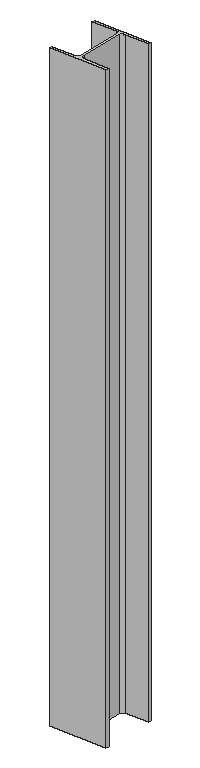
Revit family
Parameters (values of type "W10X49")
  Column Material [instance] = Metal - Steel - ASTM A572 - Grade 50
  A = 14.40 SF
  Assembly Code = "B10"
  W = 49
  bf = 0' - 10"
  d = 0' - 10"
  k = 0' - 1 3/16"
  kr = k - tf  # 0' - 0 5/8"
  tf = 0' - 0 9/16"
  tw = 0' - 0 5/16"
Reference planes (in)
  plane 1: y = 0
  plane 2: z = 0
  plane 3: x = 0
  plane 4: x = -5
  plane 5: x = 5
  plane 6: y = 5
  plane 7: y = -5
  plane 8: x = -0.15625
  plane 9: x = 0.15625
Forms (in)
  Extrusion 1, solid, material "Metal - Steel - ASTM A572 - Grade 50" <- "Column Material", detail levels medium
    sketch origin (0, 0, 0) x (1, 0, 0) y (0, 1, 0)
      loop
        line (-5, 5) -> (-5, 4.4375) -> (-0.15625, 4.4375) -> (-0.15625, -4.4375) -> (-5, -4.4375) -> (-5, -5) -> (5, -5) -> (5, -4.4375) -> (0.15625, -4.4375) -> (0.15625, 4.4375) -> (5, 4.4375) -> (5, 5) -> (-5, 5)
    from 0 to 108
  Extrusion 2, solid, material "Metal - Steel - ASTM A572 - Grade 50" <- "Column Material", detail levels fine
    sketch origin (0, 0, 0) x (1, 0, 0) y (0, 1, 0)
      loop
        line (-5, 5) -> (-5, 4.4375) -> (-0.78125, 4.4375)
        arc (-0.78125, 4.4375) -> (-0.33931, 4.25444) -> (-0.15625, 3.8125) r 0.625
        line (-0.15625, 3.8125) -> (-0.15625, -3.8125)
        arc (-0.15625, -3.8125) -> (-0.33931, -4.25444) -> (-0.78125, -4.4375) r 0.625
        line (-0.78125, -4.4375) -> (-5, -4.4375) -> (-5, -5) -> (5, -5) -> (5, -4.4375) -> (0.78125, -4.4375)
        arc (0.78125, -4.4375) -> (0.33931, -4.25444) -> (0.15625, -3.8125) r 0.625
        line (0.15625, -3.8125) -> (0.15625, 3.8125)
        arc (0.15625, 3.8125) -> (0.33931, 4.25444) -> (0.78125, 4.4375) r 0.625
        line (0.78125, 4.4375) -> (5, 4.4375) -> (5, 5) -> (-5, 5)
    from 0 to 108
Lines and regions (in)
  symbolic lines, style "StructuralColumnStickSymbols", detail levels coarse
    curve 1: line (-5, 5, 0) -> (5, 5, 0)
    curve 2: line (-5, -5, 0) -> (5, -5, 0)
    curve 3: line (0, 5, 0) -> (0, -5, 0)
  symbolic lines, style "Hidden Faces", detail levels medium+fine
    curve 4: line (-0.15625, 0, 0) -> (-0.15625, 0, 108)
    curve 5: line (0.15625, 0, 108) -> (0.15625, 0, 0)
Dimensions and locks (in)
  equal spacing: plane 4, plane 3, plane 5
  equal spacing: plane 7, plane 1, plane 6
  "d": plane 7 to plane 6
  "bf": plane 4 to plane 5
  "tf": plane 7 to Extrusion 1 sketch curve
  "tf": Extrusion 1 sketch curve to plane 6
  equal spacing: Extrusion 1 sketch curve, plane 3, Extrusion 1 sketch curve
  "tw": Extrusion 1 sketch curve to Extrusion 1 sketch curve
  "kr": radius of Extrusion 2 sketch curve  (x4)
  aligned and locked: plane 6 to Extrusion 1 sketch curve
  aligned and locked: Extrusion 1 sketch curve to plane 7
  aligned and locked: Extrusion 1 sketch curve to plane 4  (x2)
  aligned and locked: plane 5 to Extrusion 1 sketch curve  (x2)
  aligned and locked: Extrusion 1 sketch curve to Extrusion 1 sketch curve  (x2)
  aligned and locked: level to Extrusion 1
  aligned and locked: level to plane 2
  aligned and locked: Extrusion 1 to plane 2
  aligned and locked: plane 6 to Extrusion 2 sketch curve
  aligned and locked: plane 5 to Extrusion 2 sketch curve  (x2)
  aligned and locked: Extrusion 2 sketch curve to plane 4  (x2)
  aligned and locked: Extrusion 2 sketch curve to Extrusion 1  (x6)
  aligned and locked: Extrusion 2 sketch curve to plane 7
  aligned and locked: level to Extrusion 2
  aligned and locked: Extrusion 2 to level
Automatic sketch dimensions
  curve 2 to plane 4 = 0' - 0"
  curve 1 to plane 4 = 0' - 0"
  curve 3 to plane 3 = 0' - 0"
  curve 2 to plane 5 = 0' - 0"
  curve 1 to plane 5 = 0' - 0"
  curve 3 to plane 7 = 0' - 0"
  curve 3 to plane 6 = 0' - 0"
  curve 4 to level = 0' - 0"  (x2)
  curve 4 to plane 8 = 0' - 0"
  curve 5 to level = 0' - 0"  (x2)
  curve 5 to plane 9 = 0' - 0"
